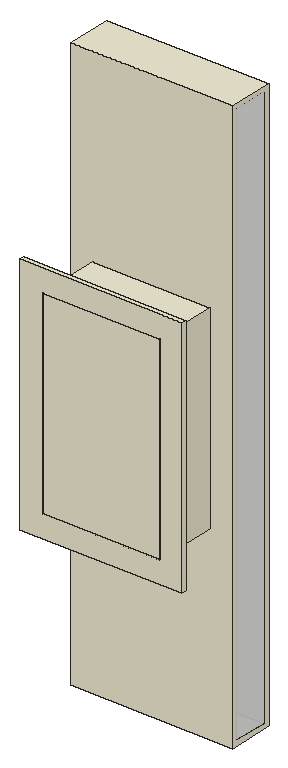
Revit family "3-517-xx - Profile Wall Sconce", category Lighting Fixtures, host Wall, Revit 2018
Family settings
  Host = Wall
  Round Connector Dimension = Use Diameter
  Part Type = Normal
  OmniClass Number = 23.80.70.00
  OmniClass Title = Lighting
  Always vertical = Yes
  Cut with Voids When Loaded = No
  Light Source = Yes
  Shared = No
  Room Calculation Point = No
Parameters (values of type "3-517-24 / Satin Nickel - Matte White Acrylic")
  Wattage Comments = "2 x 12.2 W at 120 V"  # constant formula
  Wattage = 9.2903 W
  built-in parameter 1150110 = 1 (stored number, unit not read)
  Voltage Input = "120 V or 277 V - 50/60 Hz"  # constant formula
  Voltage = 120 V
  URL = "www.oxygenlighting.com"
  built-in parameter 1114217 = 1 (stored number, unit not read)
  built-in parameter 1150109 = 1 (stored number, unit not read)
  built-in parameter 1150134 = (empty or 0)
  built-in parameter 1150113 = 1 (stored number, unit not read)
  References = "Ref. 3 = 120 V / Ref. 37 = 277 V"  # constant formula
  Optional cover plate [instance] = yes
  Model = "3-517-xx / Profile Wall Sconce"  # constant formula
  Metal Finish = 24 - Satin Nickel
  Manufacturer = "Oxygen Lighting and Fans"  # constant formula
  Main Diffuser = Matte White Acrylic
  Lumens = 1380 lm
  built-in parameter 1150115 = 1 (stored number, unit not read)
  built-in parameter 1150105 = 109.82 (stored number, unit not read)
  Light Source Symbol Size = 24.00"
  built-in parameter 1150137 = (empty or 0)
  built-in parameter 1150139 = (empty or 0)
  built-in parameter 1150112 = 1 (stored number, unit not read)
  built-in parameter 1150114 = 1 (stored number, unit not read)
  Lamp = "LED Array"  # constant formula
  built-in parameter 1150132 = 2
  built-in parameter 1150102 = (empty or 0)
  built-in parameter 1150138 = (empty or 0)
  built-in parameter 1150107 = 3000 (stored number, unit not read)
  built-in parameter 1150106 = 1.0982 (stored number, unit not read)
  built-in parameter 1150104 = 13.8 (stored number, unit not read)
  Dimming Lamp Color Temperature Shift = <None>
  Color Filter = 16777215
  built-in parameter 1114218 = 1 (stored number, unit not read)
  built-in parameter 1150133 = 10 (stored number, unit not read)
Types (2): name | Metal Finish
  3-517-14 / Polished Chrome - Matte White Acrylic | 14 - Polished Chrome
  3-517-24 / Satin Nickel - Matte White Acrylic | 24 - Satin Nickel
Reference planes (in)
  plane 1: y = 0
  plane 2 "Light Source Axis (L/R)": x = 4.92126
  plane 3 "Light Source Axis (F/R)": y = 5.31496
  plane 4 "Light Source Elevation": z = 34.37595
  plane 5: y = 2.95276
  plane 6: z = 42.38257
Text (in)
  text "Placement side" at (-70.3598, 43.96769, 0), in view "Ref. Level"
  text "Placement side" at (0, 83.08644, 117.56134), in view "Left"
  text "Placement side" at (0, 24.74324, 118.58137), in view "Right"
Dimensions and locks (in)
  locked: plane 3 "Light Source Axis (F/R)" to plane 5 at 2.3622
  locked: plane 6 to plane 4 "Light Source Elevation" at 8.00662
  aligned and locked: plane 1 to host wall
  aligned and locked: plane 2 "Light Source Axis (L/R)" to imposter light
  aligned and locked: plane 3 "Light Source Axis (F/R)" to imposter light
  aligned and locked: plane 4 "Light Source Elevation" to imposter light
  aligned and locked: plane 5 to host wall
  aligned and locked: nested 1 to plane 2 "Light Source Axis (L/R)"
  aligned and locked: plane 5 to nested 1
  aligned and locked: plane 6 to nested 1
Nested families (in)
  nested 1: "Family2" at (4.92126, 2.95276, 34.37595) x (-1, 0, 0) z (0, 0, 1), type "Family2"
Definition of nested family "Family2"
  Parameters (values of type "Family2")
    Optional cover plate = yes
    Metal Finish = none
    Main Diffuser = none
  Reference planes (in)
    plane 1 "Center (Front/Back)": y = 0
    plane 2: z = 0
    plane 3 "Center (Left/Right)": x = 0
  Forms (in)
    Extrusion 1, solid, material <- "Metal Finish"
      sketch origin (0, 0, 0) x (0, 1, 0) y (0, 0, 1)
        loop
          line (-1.75139, 8.00662) -> (-3.00139, 8.00662) -> (-3.00139, -8.00662) -> (-1.75139, -8.00662) -> (-1.75139, 8.00662)
        loop
          line (-2.87604, -7.88475) -> (-1.87674, -7.88475) -> (-1.87674, 7.88127) -> (-2.87604, 7.88127) -> (-2.87604, -7.88475)
      from -2.25 to 2.25
    Extrusion 2, solid, material <- "Main Diffuser"
      sketch origin (0, 0, 0) x (0, 1, 0) y (0, 0, 1)
        loop
          line (-1.87674, 7.88127) -> (-2.87604, 7.88127) -> (-2.87604, -7.88475) -> (-1.87674, -7.88475) -> (-1.87674, 7.88127)
      from -2.25 to 2.25
    Extrusion 3, solid, material <- "Metal Finish"
      sketch origin (0, 0, 0) x (0, 1, 0) y (0, 0, 1)
        loop
          line (-1.75139, -2.75244) -> (0, -2.75244) -> (0, 2.75244) -> (-1.75139, 2.75244) -> (-1.75139, -2.75244)
      from -1.63 to 1.63
    Extrusion 4, solid, material <- "Metal Finish", visible <- "Optional cover plate"
      sketch origin (0, 0, 0) x (1, 0, 0) y (0, 0, 1)
        loop
          line (-2.25279, 3.37) -> (-2.25279, -3.37) -> (2.25279, -3.37) -> (2.25279, 3.37) -> (-2.25279, 3.37)
        loop
          line (-1.63, 2.75244) -> (-1.63, -2.75244) -> (1.63, -2.75244) -> (1.63, 2.75244) -> (-1.63, 2.75244)
      from 0 to 0.12535
  Dimensions and locks (in)
    aligned and locked: level to plane 2
